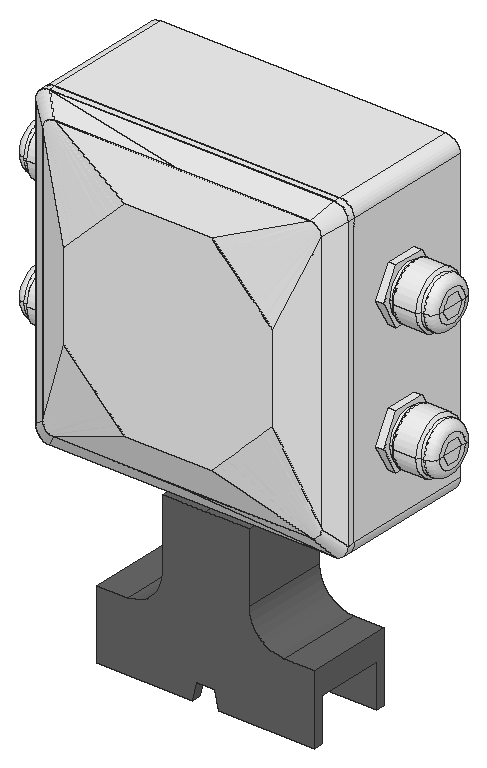
Revit family "KSGK-3 IP66 AYaKS", category Специальное оборудование, Revit 2019
Family settings
  Размер круглого соединителя = Использовать диаметр
  Тип детали = Нормальный
  Номер OmniClass = 23.85.50.17
  Заголовок OmniClass = Communication and Data Processing Equipment
  На основе рабочей плоскости = Нет
  Всегда вертикально = Да
  При загрузке вырезать с полостями = Нет
  Общий = Нет
  Точка расчета площади = Нет
Parameters (values of type "КСГК-3 IP66 АЯКС цвет Белый")
  Ток, не более, А = "70"
  Температура эксплуатации = "от -60 до +70°С"
  Степень защиты, обеспечиваемая оболочкой по ГОСТ 14254 = "IP66"
  Срок службы устройства (от даты выпуска), не менее = "10 лет"
  Пластик черный = Черный
  Пластик белый = Белый
  Описание = "Коробка соединительная для греющего кабеля КСГК-3 IP66 АЯКС предназначена для подключения питающего кабеля к сети нагревательных кабелей, сращивания отрезков греющего кабеля или разветвления греющих кабелей в цепях переменного и постоянного тока. Внутри коробок располагаются пружинные клеммные колодки 10 мм2."
  Напряжение, не более, В = "600"
  Кабельные вводы = yes
  Изготовитель = [ADSK_Завод-изготовитель]  # "ООО НПП «МАГНИТО-КОНТАКТ»"
  URL = "https://m-kontakt.ru/produkt/kommutacyonnye/ksgk_ayaks"
  ADSK_Размер_Ширина = 100 mm
  ADSK_Размер_Длина = 210 mm
  ADSK_Размер_Высота = 295 mm
  ADSK_Примечание = "Коробка КСГК-3 IP66 АЯКС оборудована специальным устройством ввода с держателем для монтажа коробки непосредственно на трубопровод или резервуар."
  ADSK_Обозначение = "АТФЕ.685552.234 ПС"
  ADSK_Наименование = "Коробка соединительная для греющего кабеля КСГК-3 IP66 АЯКС"
  ADSK_Материал = Белый
  ADSK_Код изделия = "-"
  ADSK_Завод-изготовитель = "ООО НПП «МАГНИТО-КОНТАКТ»"  # constant formula
  ADSK_Единица измерения = "шт."  # constant formula
Types (7, lengths in mm): name | ADSK_Материал | ADSK_Код изделия
  (no name) | Белый | "-"
  КСГК-3 IP66 АЯКС цвет Черный | Черный | "Ч"
  КСГК-3 IP66 АЯКС цвет Белый | Белый | "-"
  КСГК-3 IP66 АЯКС цвет Серый | Серый | "С"
  КСГК-3 IP66 АЯКС цвет Зеленый | Зеленый | "З"
  КСГК-3 IP66 АЯКС цвет Оранжевый | Оранжевый | "О"
  КСГК-3 IP66 АЯКС цвет Красный | Красный | "К"
Reference planes
  plane 1 "По центру (Вперед/Назад)": y = 0
  plane 2: z = 0
  plane 3 "По центру (Влево/Вправо)": x = 0
Forms (mm)
  Extrusion 1, solid, material "Белый" <- "ADSK_Материал"
    sketch origin (0, 0, 201.5) x (1, 0, 0) y (0, 0, 1)
      loop
        line (-82, -91.5) -> (82, -91.5)
        arc (82, -91.5) -> (87.657, -89.157) -> (90, -83.5) r 8
        line (90, -83.5) -> (90, 83.5)
        arc (90, 83.5) -> (87.657, 89.157) -> (82, 91.5) r 8
        line (82, 91.5) -> (-82, 91.5)
        arc (-82, 91.5) -> (-87.657, 89.157) -> (-90, 83.5) r 8
        line (-90, 83.5) -> (-90, -83.5)
        arc (-90, -83.5) -> (-87.657, -89.157) -> (-82, -91.5) r 8
    from 0 to 76
  Blend 2, solid, material "Белый" <- "ADSK_Материал"
    base sketch origin (0, 0, 201.5) x (1, 0, 0) y (0, 0, 1)
      loop
        arc (-82, 91.5) -> (-87.657, 89.157) -> (-90, 83.5) r 8
        line (-90, 83.5) -> (-90, -83.5)
        arc (-90, -83.5) -> (-87.657, -89.157) -> (-82, -91.5) r 8
        line (-82, -91.5) -> (82, -91.5)
        arc (82, -91.5) -> (87.657, -89.157) -> (90, -83.5) r 8
        line (90, -83.5) -> (90, 83.5)
        arc (90, 83.5) -> (87.657, 89.157) -> (82, 91.5) r 8
        line (82, 91.5) -> (-82, 91.5)
    top sketch origin (0, 0, 201.5) x (1, 0, 0) y (0, 0, 1)
      loop
        line (0, 81.5) -> (-74, 81.5)
        arc (-74, 81.5) -> (-78.243, 79.743) -> (-80, 75.5) r 6
        line (-80, 75.5) -> (-80, -75.543)
        arc (-80, -75.543) -> (-78.236, -79.801) -> (-73.978, -81.565) r 6.022
        line (-73.978, -81.565) -> (0, -81.565) -> (73.978, -81.565)
        arc (73.978, -81.565) -> (78.236, -79.801) -> (80, -75.543) r 6.022
        line (80, -75.543) -> (80, 75.5)
        arc (80, 75.5) -> (78.243, 79.743) -> (74, 81.5) r 6
        line (74, 81.5) -> (0, 81.5)
    from 80 to 87
  Blend 3, solid, material "Белый" <- "ADSK_Материал"
    base sketch origin (0, 0, 201.5) x (1, 0, 0) y (0, 0, 1)
      loop
        arc (-74, 81.5) -> (-78.243, 79.743) -> (-80, 75.5) r 6
        line (-80, 75.5) -> (-80, -75.543)
        arc (-80, -75.543) -> (-78.236, -79.801) -> (-73.978, -81.565) r 6.022
        line (-73.978, -81.565) -> (73.978, -81.565)
        arc (73.978, -81.565) -> (78.236, -79.801) -> (80, -75.543) r 6.022
        line (80, -75.543) -> (80, 75.5)
        arc (80, 75.5) -> (78.243, 79.743) -> (74, 81.5) r 6
        line (74, 81.5) -> (-74, 81.5)
    top sketch origin (0, 0, 201.5) x (1, 0, 0) y (0, 0, 1)
      loop
        line (24.853, -60) -> (60, -24.853) -> (60, 24.853) -> (24.853, 60) -> (-24.853, 60) -> (-60, 24.853) -> (-60, -24.853) -> (-24.853, -60) -> (24.853, -60)
    from 87 to 97
  Extrusion 4, solid, material "Белый" <- "ADSK_Материал"
    sketch origin (0, 0, 201.5) x (1, 0, 0) y (0, 0, 1)
      loop
        arc (-82, 91.5) -> (-87.657, 89.157) -> (-90, 83.5) r 8
        line (-90, 83.5) -> (-90, -83.5)
        arc (-90, -83.5) -> (-87.657, -89.157) -> (-82, -91.5) r 8
        line (-82, -91.5) -> (82, -91.5)
        arc (82, -91.5) -> (87.657, -89.157) -> (90, -83.5) r 8
        line (90, -83.5) -> (90, 83.5)
        arc (90, 83.5) -> (87.657, 89.157) -> (82, 91.5) r 8
        line (82, 91.5) -> (-82, 91.5)
    from 76 to 80
  Extrusion 5, void
    sketch origin (0, 0, 201.5) x (1, 0, 0) y (0, 0, 1)
      loop
        line (-42.388, -91.5) -> (-23.921, -91.5) -> (-23.921, 28.5) -> (-42.388, 28.5) -> (-42.388, -91.5)
      loop
        line (42.388, -91.5) -> (42.388, 28.5) -> (23.921, 28.5) -> (23.921, -91.5) -> (42.388, -91.5)
    from 0 to 8
  Extrusion 6, void
    sketch origin (0, 0, 201.5) x (1, 0, 0) y (0, 0, 1)
      loop
        line (-41.815, 58.5) -> (-50.475, 43.5) -> (-41.815, 28.5) -> (-24.495, 28.5) -> (-15.834, 43.5) -> (-24.495, 58.5) -> (-41.815, 58.5)
      loop
        line (41.815, 58.5) -> (24.495, 58.5) -> (15.834, 43.5) -> (24.495, 28.5) -> (41.815, 28.5) -> (50.475, 43.5) -> (41.815, 58.5)
    from 0 to 15
  Extrusion 7, solid, material "Черный" <- "Пластик черный"
    sketch origin (0, 0, 201.5) x (1, 0, 0) y (0, 0, 1)
      loop
        line (62.5, -201.5) -> (62.5, -161.5) -> (45, -161.5)
        arc (45, -161.5) -> (30.858, -155.642) -> (25, -141.5) r 20
        line (25, -141.5) -> (25, -91.5) -> (-25, -91.5) -> (-25, -141.5)
        arc (-25, -141.5) -> (-30.858, -155.642) -> (-45, -161.5) r 20
        line (-45, -161.5) -> (-62.5, -161.5) -> (-62.5, -201.5) -> (-7.679, -201.5) -> (-5, -191.5) -> (0, -191.5) -> (5, -191.5) -> (7.679, -201.5) -> (62.5, -201.5)
    from 20 to 70
  Extrusion 8, void
    sketch origin (0, 0, 201.5) x (0, 0, 1) y (0, -1, 0)
      loop
        line (-201.5, 65) -> (-201.5, 25) -> (-176.5, 25) -> (-176.5, 65) -> (-201.5, 65)
    from 62.5 to -62.5
  Revolve 9, void
    sketch origin (0, 0, 201.5) x (0, 0, 1) y (0, -1, 0)
      loop
        line (-91.5, 82.224) -> (-101.5, 82.224) -> (-101.5, 65.716) -> (-91.5, 65.716) -> (-91.5, 82.224)
      axis (-91.5, 45) -> (-101.5, 45)
    angle from 0 to 360
  Revolve 10, solid, material "Белый" <- "Пластик белый", visible <- "Кабельные вводы"
    sketch origin (-260.047, -223.72, 236.286) x (1, 0, 0) y (0, 1, 0)
      loop
        line (170.047, 180.983) -> (140.047, 180.983) -> (140.047, 173.986) -> (140.047, 171.755)
        arc (140.047, 171.755) -> (141.511, 168.219) -> (145.047, 166.755) r 5
        line (145.047, 166.755) -> (147.071, 166.755) -> (148.217, 164.99) -> (161.252, 164.99)
        arc (161.252, 164.99) -> (162.134, 165.355) -> (162.499, 166.236) r 1.247
        line (162.499, 166.236) -> (162.499, 167.483) -> (170.047, 167.483) -> (170.047, 180.983)
      axis (140.047, 180.983) -> (170.047, 180.983)
    angle from 0 to 360
  Extrusion 11, solid, material "Белый" <- "Пластик белый", visible <- "Кабельные вводы"
    sketch origin (-90, -18.237, 258.739) x (0, 1, 0) y (0, 0, 1)
      loop
        circle (-24.5, -22.453) r 14.228
      loop
        line (-15.266, -38.446) -> (-6.033, -22.453) -> (-15.266, -6.46) -> (-33.734, -6.46) -> (-42.967, -22.453) -> (-33.734, -38.446) -> (-15.266, -38.446)
    from 0 to -5
  Revolve 12, solid, material "Белый" <- "Пластик белый", visible <- "Кабельные вводы"
    sketch origin (-260.047, -223.72, 161.286) x (1, 0, 0) y (0, 1, 0)
      loop
        line (170.047, 180.983) -> (140.047, 180.983) -> (140.047, 173.986) -> (140.047, 171.755)
        arc (140.047, 171.755) -> (141.511, 168.219) -> (145.047, 166.755) r 5
        line (145.047, 166.755) -> (147.071, 166.755) -> (148.217, 164.99) -> (161.252, 164.99)
        arc (161.252, 164.99) -> (162.134, 165.355) -> (162.499, 166.236) r 1.247
        line (162.499, 166.236) -> (162.499, 167.483) -> (170.047, 167.483) -> (170.047, 180.983)
      axis (140.047, 180.983) -> (170.047, 180.983)
    angle from 0 to 360
  Extrusion 13, solid, material "Белый" <- "Пластик белый", visible <- "Кабельные вводы"
    sketch origin (-90, -18.237, 183.739) x (0, 1, 0) y (0, 0, 1)
      loop
        circle (-24.5, -22.453) r 14.228
      loop
        line (-15.266, -38.446) -> (-6.033, -22.453) -> (-15.266, -6.46) -> (-33.734, -6.46) -> (-42.967, -22.453) -> (-33.734, -38.446) -> (-15.266, -38.446)
    from 0 to -5
  Revolve 14, solid, material "Белый" <- "Пластик белый", visible <- "Кабельные вводы"
    sketch origin (260.047, -223.72, 236.286) x (1, 0, 0) y (0, 1, 0)
      loop
        line (-170.047, 180.983) -> (-170.047, 167.483) -> (-162.499, 167.483) -> (-162.499, 166.236)
        arc (-162.499, 166.236) -> (-162.134, 165.355) -> (-161.252, 164.99) r 1.247
        line (-161.252, 164.99) -> (-148.217, 164.99) -> (-147.071, 166.755) -> (-145.047, 166.755)
        arc (-145.047, 166.755) -> (-141.511, 168.219) -> (-140.047, 171.755) r 5
        line (-140.047, 171.755) -> (-140.047, 173.986) -> (-140.047, 180.983) -> (-170.047, 180.983)
      axis (-140.047, 180.983) -> (-170.047, 180.983)
    angle from 0 to 360
  Extrusion 15, solid, material "Белый" <- "Пластик белый", visible <- "Кабельные вводы"
    sketch origin (90, -18.237, 258.739) x (0, 1, 0) y (0, 0, -1)
      loop
        circle (-24.5, 22.453) r 14.228
      loop
        line (-15.266, 38.446) -> (-33.734, 38.446) -> (-42.967, 22.453) -> (-33.734, 6.46) -> (-15.266, 6.46) -> (-6.033, 22.453) -> (-15.266, 38.446)
    from 0 to -5
  Revolve 16, solid, material "Белый" <- "Пластик белый", visible <- "Кабельные вводы"
    sketch origin (260.047, -223.72, 161.286) x (1, 0, 0) y (0, 1, 0)
      loop
        line (-170.047, 180.983) -> (-170.047, 167.483) -> (-162.499, 167.483) -> (-162.499, 166.236)
        arc (-162.499, 166.236) -> (-162.134, 165.355) -> (-161.252, 164.99) r 1.247
        line (-161.252, 164.99) -> (-148.217, 164.99) -> (-147.071, 166.755) -> (-145.047, 166.755)
        arc (-145.047, 166.755) -> (-141.511, 168.219) -> (-140.047, 171.755) r 5
        line (-140.047, 171.755) -> (-140.047, 173.986) -> (-140.047, 180.983) -> (-170.047, 180.983)
      axis (-140.047, 180.983) -> (-170.047, 180.983)
    angle from 0 to 360
  Extrusion 17, solid, material "Белый" <- "Пластик белый", visible <- "Кабельные вводы"
    sketch origin (90, -18.237, 183.739) x (0, 1, 0) y (0, 0, -1)
      loop
        circle (-24.5, 22.453) r 14.228
      loop
        line (-15.266, 38.446) -> (-33.734, 38.446) -> (-42.967, 22.453) -> (-33.734, 6.46) -> (-15.266, 6.46) -> (-6.033, 22.453) -> (-15.266, 38.446)
    from 0 to -5
Cuts and joins
  Extrusion 5, Extrusion 6, Revolve 9 cuts Extrusion 1
  Extrusion 8, Revolve 9 cuts Extrusion 7
Dimensions and locks
  aligned and locked: level to plane 2
Automatic sketch dimensions
  Extrusion 1 sketch curve to plane 3 "По центру (Влево/Вправо)" = 90 mm
  Extrusion 1 sketch curve to Extrusion 1 sketch curve = 8 mm  (x3)
  plane 3 "По центру (Влево/Вправо)" to Extrusion 1 sketch curve = 82 mm  (x2)
  level to Extrusion 1 sketch curve = 110 mm
  Extrusion 1 sketch curve to Extrusion 1 sketch curve = 167 mm
  Blend 2 sketch curve to plane 3 "По центру (Влево/Вправо)" = 90 mm
  Blend 2 sketch curve to Blend 2 sketch curve = 8 mm  (x3)
  plane 3 "По центру (Влево/Вправо)" to Blend 2 sketch curve = 82 mm  (x2)
  level to Blend 2 sketch curve = 110 mm
  Blend 2 sketch curve to Blend 2 sketch curve = 167 mm
  Blend 2 sketch curve to plane 3 "По центру (Влево/Вправо)" = 0 mm  (x2)
  Blend 2 sketch curve to plane 3 "По центру (Влево/Вправо)" = 73.978 mm
  Blend 2 sketch curve to plane 3 "По центру (Влево/Вправо)" = 74 mm
  Blend 2 sketch curve to Blend 2 sketch curve = 0 mm
  Blend 2 sketch curve to Blend 2 sketch curve = 6 mm  (x2)
  plane 3 "По центру (Влево/Вправо)" to Blend 2 sketch curve = 73.978 mm
  plane 3 "По центру (Влево/Вправо)" to Blend 2 sketch curve = 74 mm
  level to Blend 2 sketch curve = 119.935 mm
  Blend 2 sketch curve to Blend 2 sketch curve = 151.043 mm
  Blend 3 sketch curve to plane 3 "По центру (Влево/Вправо)" = 80 mm
  Blend 3 sketch curve to Blend 3 sketch curve = 6 mm  (x2)
  Blend 3 sketch curve to Blend 3 sketch curve = 6.022 mm
  plane 3 "По центру (Влево/Вправо)" to Blend 3 sketch curve = 73.978 mm
  plane 3 "По центру (Влево/Вправо)" to Blend 3 sketch curve = 74 mm
  level to Blend 3 sketch curve = 119.935 mm
  Blend 3 sketch curve to Blend 3 sketch curve = 151.043 mm
  Blend 3 sketch curve to plane 3 "По центру (Влево/Вправо)" = 60 mm
  Blend 3 sketch curve to plane 3 "По центру (Влево/Вправо)" = 24.853 mm  (x2)
  plane 3 "По центру (Влево/Вправо)" to Blend 3 sketch curve = 24.853 mm  (x2)
  Blend 3 sketch curve to Blend 3 sketch curve = 35.147 mm  (x4)
  level to Blend 3 sketch curve = 141.5 mm
  Blend 3 sketch curve to Blend 3 sketch curve = 49.706 mm  (x2)
  Extrusion 4 sketch curve to plane 3 "По центру (Влево/Вправо)" = 90 mm
  Extrusion 4 sketch curve to Extrusion 4 sketch curve = 8 mm  (x3)
  plane 3 "По центру (Влево/Вправо)" to Extrusion 4 sketch curve = 82 mm  (x2)
  level to Extrusion 4 sketch curve = 110 mm
  Extrusion 4 sketch curve to Extrusion 4 sketch curve = 167 mm
  Extrusion 5 sketch curve to plane 3 "По центру (Влево/Вправо)" = 42.388 mm
  Extrusion 5 sketch curve to Extrusion 5 sketch curve = 18.467 mm  (x2)
  plane 3 "По центру (Влево/Вправо)" to Extrusion 5 sketch curve = 23.921 mm
  level to Extrusion 5 sketch curve = 110 mm
  Extrusion 5 sketch curve to Extrusion 5 sketch curve = 0 mm  (x2)
  Extrusion 5 sketch curve to Extrusion 5 sketch curve = 120 mm
  Extrusion 6 sketch curve to plane 3 "По центру (Влево/Вправо)" = 50.475 mm
  Extrusion 6 sketch curve to Extrusion 6 sketch curve = 8.66 mm  (x5)
  Extrusion 6 sketch curve to Extrusion 6 sketch curve = 17.321 mm  (x4)
  Extrusion 6 sketch curve to plane 3 "По центру (Влево/Вправо)" = 15.834 mm
  plane 3 "По центру (Влево/Вправо)" to Extrusion 6 sketch curve = 15.834 mm
  level to Extrusion 6 sketch curve = 230 mm
  Extrusion 6 sketch curve to Extrusion 6 sketch curve = 0 mm
  Extrusion 6 sketch curve to Extrusion 6 sketch curve = 15 mm  (x6)
  Extrusion 7 sketch curve to level = 0 mm  (x2)
  Extrusion 7 sketch curve to plane 3 "По центру (Влево/Вправо)" = 0 mm
  Extrusion 7 sketch curve to plane 3 "По центру (Влево/Вправо)" = 5 mm
  Extrusion 7 sketch curve to plane 3 "По центру (Влево/Вправо)" = 7.679 mm
  Extrusion 7 sketch curve to plane 3 "По центру (Влево/Вправо)" = 25 mm
  Extrusion 7 sketch curve to Extrusion 7 sketch curve = 20 mm  (x2)
  Extrusion 7 sketch curve to Extrusion 7 sketch curve = 17.5 mm  (x2)
  plane 3 "По центру (Влево/Вправо)" to Extrusion 7 sketch curve = 5 mm
  plane 3 "По центру (Влево/Вправо)" to Extrusion 7 sketch curve = 7.679 mm
  plane 3 "По центру (Влево/Вправо)" to Extrusion 7 sketch curve = 25 mm
  level to Extrusion 7 sketch curve = 10 mm
  level to Extrusion 7 sketch curve = 40 mm
  Extrusion 7 sketch curve to Extrusion 7 sketch curve = 40 mm
  Extrusion 7 sketch curve to Extrusion 7 sketch curve = 50 mm
  Extrusion 8 sketch curve to level = 0 mm
  level to Extrusion 8 sketch curve = 25 mm
  plane 1 "По центру (Вперед/Назад)" to Extrusion 8 sketch curve = 25 mm
  Extrusion 8 sketch curve to Extrusion 8 sketch curve = 40 mm
  level to Revolve 9 sketch curve = 100 mm
  Revolve 9 sketch curve to Revolve 9 sketch curve = 10 mm
  plane 1 "По центру (Вперед/Назад)" to Revolve 9 sketch curve = 65.716 mm
  Revolve 9 sketch curve to Revolve 9 sketch curve = 16.508 mm
  level to Revolve 9 sketch curve = 40 mm
  Revolve 9 sketch curve to Revolve 9 sketch curve = 0 mm
  Revolve 9 sketch curve to Revolve 9 sketch curve = 20.716 mm
  plane 1 "По центру (Вперед/Назад)" to Revolve 10 sketch curve = 42.737 mm
  Revolve 10 sketch curve to plane 3 "По центру (Влево/Вправо)" = 120 mm
  Revolve 10 sketch curve to Revolve 10 sketch curve = 5 mm
  Revolve 10 sketch curve to Revolve 10 sketch curve = 2.024 mm
  Revolve 10 sketch curve to Revolve 10 sketch curve = 1.146 mm
  Revolve 10 sketch curve to Revolve 10 sketch curve = 13.035 mm
  Revolve 10 sketch curve to Revolve 10 sketch curve = 1.247 mm  (x2)
  Revolve 10 sketch curve to Revolve 10 sketch curve = 7.548 mm
  Revolve 10 sketch curve to Revolve 10 sketch curve = 6.997 mm
  Revolve 10 sketch curve to Revolve 10 sketch curve = 2.231 mm
  Revolve 10 sketch curve to Revolve 10 sketch curve = 13.5 mm
  Revolve 10 sketch curve to Revolve 10 sketch curve = 0 mm  (x2)
  Revolve 10 sketch curve to Revolve 10 sketch curve = 2.686 mm
  Extrusion 11 sketch curve to Extrusion 11 sketch curve = 0 mm  (x3)
  plane 1 "По центру (Вперед/Назад)" to Extrusion 11 sketch curve = 61.204 mm
  Extrusion 11 sketch curve to Extrusion 11 sketch curve = 9.234 mm  (x4)
  Extrusion 11 sketch curve to Extrusion 11 sketch curve = 18.467 mm  (x2)
  level to Extrusion 11 sketch curve = 220.293 mm
  Extrusion 11 sketch curve to Extrusion 11 sketch curve = 15.993 mm  (x3)
  Extrusion 11 sketch curve to Extrusion 11 sketch curve = 4.239 mm
  plane 1 "По центру (Вперед/Назад)" to Revolve 12 sketch curve = 42.737 mm
  Revolve 12 sketch curve to plane 3 "По центру (Влево/Вправо)" = 120 mm
  Revolve 12 sketch curve to Revolve 12 sketch curve = 5 mm
  Revolve 12 sketch curve to Revolve 12 sketch curve = 2.024 mm
  Revolve 12 sketch curve to Revolve 12 sketch curve = 1.146 mm
  Revolve 12 sketch curve to Revolve 12 sketch curve = 13.035 mm
  Revolve 12 sketch curve to Revolve 12 sketch curve = 1.247 mm  (x2)
  Revolve 12 sketch curve to Revolve 12 sketch curve = 7.548 mm
  Revolve 12 sketch curve to Revolve 12 sketch curve = 6.997 mm
  Revolve 12 sketch curve to Revolve 12 sketch curve = 2.231 mm
  Revolve 12 sketch curve to Revolve 12 sketch curve = 13.5 mm
  Revolve 12 sketch curve to Revolve 12 sketch curve = 0 mm  (x2)
  Revolve 12 sketch curve to Revolve 12 sketch curve = 2.686 mm
  Extrusion 13 sketch curve to Extrusion 13 sketch curve = 0 mm  (x3)
  plane 1 "По центру (Вперед/Назад)" to Extrusion 13 sketch curve = 61.204 mm
  Extrusion 13 sketch curve to Extrusion 13 sketch curve = 9.234 mm  (x5)
  Extrusion 13 sketch curve to Extrusion 13 sketch curve = 18.467 mm
  level to Extrusion 13 sketch curve = 145.293 mm
  Extrusion 13 sketch curve to Extrusion 13 sketch curve = 15.993 mm  (x3)
  Extrusion 13 sketch curve to Extrusion 13 sketch curve = 4.239 mm
  plane 3 "По центру (Влево/Вправо)" to Revolve 14 sketch curve = 90 mm
  Revolve 14 sketch curve to Revolve 14 sketch curve = 7.548 mm
  Revolve 14 sketch curve to Revolve 14 sketch curve = 1.247 mm  (x2)
  Revolve 14 sketch curve to Revolve 14 sketch curve = 13.035 mm
  Revolve 14 sketch curve to Revolve 14 sketch curve = 1.146 mm
  Revolve 14 sketch curve to Revolve 14 sketch curve = 2.024 mm
  Revolve 14 sketch curve to Revolve 14 sketch curve = 5 mm
  plane 1 "По центру (Вперед/Назад)" to Revolve 14 sketch curve = 58.73 mm
  Revolve 14 sketch curve to Revolve 14 sketch curve = 1.765 mm
  Revolve 14 sketch curve to Revolve 14 sketch curve = 2.231 mm
  Revolve 14 sketch curve to Revolve 14 sketch curve = 6.997 mm
  Revolve 14 sketch curve to Revolve 14 sketch curve = 2.686 mm
  Revolve 14 sketch curve to Revolve 14 sketch curve = 0 mm  (x2)
  Extrusion 15 sketch curve to Extrusion 15 sketch curve = 0 mm  (x4)
  plane 1 "По центру (Вперед/Назад)" to Extrusion 15 sketch curve = 61.204 mm
  Extrusion 15 sketch curve to Extrusion 15 sketch curve = 9.234 mm  (x5)
  Extrusion 15 sketch curve to Extrusion 15 sketch curve = 18.467 mm
  level to Extrusion 15 sketch curve = 252.279 mm
  Extrusion 15 sketch curve to Extrusion 15 sketch curve = 15.993 mm  (x2)
  Extrusion 15 sketch curve to Extrusion 15 sketch curve = 4.239 mm
  plane 3 "По центру (Влево/Вправо)" to Revolve 16 sketch curve = 90 mm
  Revolve 16 sketch curve to Revolve 16 sketch curve = 7.548 mm
  Revolve 16 sketch curve to Revolve 16 sketch curve = 1.247 mm  (x2)
  Revolve 16 sketch curve to Revolve 16 sketch curve = 13.035 mm
  Revolve 16 sketch curve to Revolve 16 sketch curve = 1.146 mm
  Revolve 16 sketch curve to Revolve 16 sketch curve = 2.024 mm
  Revolve 16 sketch curve to Revolve 16 sketch curve = 5 mm
  plane 1 "По центру (Вперед/Назад)" to Revolve 16 sketch curve = 58.73 mm
  Revolve 16 sketch curve to Revolve 16 sketch curve = 1.765 mm
  Revolve 16 sketch curve to Revolve 16 sketch curve = 2.231 mm
  Revolve 16 sketch curve to Revolve 16 sketch curve = 6.997 mm
  Revolve 16 sketch curve to Revolve 16 sketch curve = 2.686 mm
  Revolve 16 sketch curve to Revolve 16 sketch curve = 0 mm  (x2)
  Extrusion 17 sketch curve to Extrusion 17 sketch curve = 0 mm  (x4)
  plane 1 "По центру (Вперед/Назад)" to Extrusion 17 sketch curve = 61.204 mm
  Extrusion 17 sketch curve to Extrusion 17 sketch curve = 9.234 mm  (x6)
  level to Extrusion 17 sketch curve = 177.279 mm
  Extrusion 17 sketch curve to Extrusion 17 sketch curve = 15.993 mm  (x2)
  Extrusion 17 sketch curve to Extrusion 17 sketch curve = 4.239 mm
